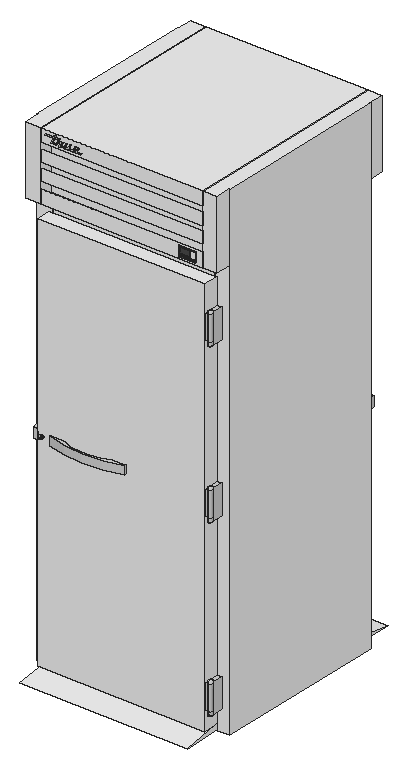
Revit family
Parameters
  Weight in Pounds = 0
  Watts = Volts * FL Amps  # 1023.5 W
  Volts = 115 V
  URL Cutsheet = "www.truemfg.com"
  URL = "www.truemfg.com"
  Type Mark [instance] = ""
  Type Comments = ""
  Status [instance] = ""
  Specification by User [instance] = ""
  Specification by Manufacturer = ""
  Show Logo [instance] = yes
  Show Clearance [instance] = yes
  Serial Number = ""
  Seismic Rating = ""
  SMACNA No = ""
  Revision Code [instance] = ""
  Phase = 1
  Omniclass Number and Title = ""
  Number of Poles [instance] = 1
  NAFEM Spec ID Number = ""
  Model = "STR1RRT89-1S-1S"
  Min Ckt Ampacity = 0 A
  Max Overcurrent Protection = 0 A
  Masterspec = ""
  Manufacturer = "TRUE FOOD SERVICE EQUIPMENT, INC."
  Length = 35"
  Item Number [instance] = ""
  Installed By [instance] = ""
  Identify Quantity as Lot [instance] = yes
  Height = 88 3/4"
  HP = "1/3"
  Furnished By [instance] = ""
  Foodservice Equipment Identifier [instance] = yes
  FL Amps = 8.9 A
  Electrical Remarks [instance] = ""
  Electric Connection Type [instance] = ""
  Elec Conn RI Height [instance] = 0"
  Elec Conn Connection Height [instance] = 0"
  Description = "Roll-thru Solid Swing Door Refrigerator"
  Depth = 37 1/2"
  Cycle = 60 Hz
  Conn Plug = "5-15P"
  Conn Conduit = yes
  CSI MasterFormat = ""
  CSI Master Format = ""
  Apparent Power = if(Phase = 3, Volts * FL Amps * 1.73, Volts * FL Amps)  # 1023.5 VA
Reference planes (in)
  plane 1 "BACK": y = 0
  plane 2: z = 0
  plane 3 "LEFT": x = 0
  plane 4 "RIGHT": x = 35
  plane 5 "FRONT": y = -37.5
  plane 6 "TOP": z = 88.75
  plane 7: x = 2.84375
  plane 8: y = -37.4542
  plane 9: x = 32.15625
  plane 10: y = -0.0458
  plane 11: y = -18.75
  plane 12: z = 73.75
Forms (in)
  Extrusion 1, solid, material "QF_Finishes_Chrome - Satin"
    sketch origin (0.05, 0, 0) x (1, 0, 0) y (0, 1, 0)
      loop
        line (-0.05, -2.75) -> (-0.05, -34.75) -> (2.87859, -34.75) -> (2.87859, -2.75) -> (-0.05, -2.75)
    from 0 to 88.75
  Extrusion 2, solid, material "QF_Finishes_Chrome - Satin"
    sketch origin (50.15, 0, 0) x (1, 0, 0) y (0, 1, 0)
      loop
        line (-17.85, -2.75) -> (-17.85, -34.75) -> (-15.15, -34.75) -> (-15.15, -2.75) -> (-17.85, -2.75)
    from 0 to 88.75
  Extrusion 3, solid, material "QF_Finishes_Chrome - Satin"
    sketch origin (0, 0, 0) x (0, 1, 0) y (0, 0, 1)
      loop
        line (-37.4542, 76.28125) -> (-34.75, 76.28125) -> (-34.75, 0) -> (-2.75, 0) -> (-2.75, 76.28125) -> (-0.0458, 76.28125) -> (-0.0458, 78.81726) -> (-2.25, 77.25) -> (-2.25, 78.52557) -> (-0.0458, 80.09284) -> (-0.0458, 82.18904) -> (-2.25, 80.62178) -> (-2.25, 81.58254) -> (-0.0458, 83.1498) -> (-0.0458, 85.28351) -> (-2.25, 83.71625) -> (-2.25, 84.83852) -> (-0.0458, 86.40578) -> (-0.0458, 88.75) -> (-37.4542, 88.75) -> (-37.4542, 86.40578) -> (-35.25, 84.83852) -> (-35.25, 83.71625) -> (-37.4542, 85.28351) -> (-37.4542, 83.1498) -> (-35.25, 81.58254) -> (-35.25, 80.62178) -> (-37.4542, 82.18904) -> (-37.4542, 80.09284) -> (-35.25, 78.52557) -> (-35.25, 77.25) -> (-37.4542, 78.81726) -> (-37.4542, 76.28125)
    from 2.92859 to 32.3
  Extrusion 4, solid, material "QF_Finishes_Chrome - Satin"
    sketch origin (0, 0, 0) x (1, 0, 0) y (0, 1, 0)
      loop
        line (34.84782, -34.75) -> (32.3, -34.75) -> (32.3, -37.5) -> (34.84782, -37.5) -> (34.84782, -34.75)
      loop
        line (34.84782, -2.75) -> (34.84782, 0) -> (32.3, 0) -> (32.3, -2.75) -> (34.84782, -2.75)
    from 76.28125 to 88.75
  Extrusion 5, solid, material "QF_Finishes_Chrome - Satin"
    sketch origin (-50.125, 0, 0.25) x (1, 0, 0) y (0, 1, 0)
      loop
        line (53.05359, -34.75) -> (50.24109, -34.75) -> (50.24109, -37.5) -> (53.05359, -37.5) -> (53.05359, -34.75)
      loop
        line (53.05359, -2.75) -> (53.05359, 0) -> (50.24109, 0) -> (50.24109, -2.75) -> (53.05359, -2.75)
    from 76.03125 to 88.5
  Extrusion 6, solid, material "QF_Finishes_Chrome - Satin"
    sketch origin (-24.96875, -3.75, -0.71875) x (1, 0, 0) y (0, 0, 1)
      loop
        line (27.25, 1.71875) -> (57.65625, 1.71875) -> (57.65625, 74.46875) -> (27.25, 74.46875) -> (27.25, 1.71875)
    from 31 to 33.75
  Extrusion 7, solid, material "QF_Finishes_Handrails and Railings"
    sketch origin (58.625, -0.25, 26.93519) x (1, 0, 0) y (0, 1, 0)
      loop
        line (-53.875, -37.25) -> (-53.875, -37.45)
        arc (-53.875, -37.45) -> (-47.075, -38.65633) -> (-40.275, -37.45) r 19.7687
        line (-40.275, -37.45) -> (-40.275, -37.25) -> (-42.675, -37.25)
        arc (-42.675, -37.25) -> (-47.075, -38.40816) -> (-51.475, -37.25) r 8.93713
        line (-51.475, -37.25) -> (-53.875, -37.25)
    from 10.87731 to 12.37731
  Extrusion 8, solid, material "QF_Finishes_Handrails and Railings"
    sketch origin (-23.375, -3.83467, -1.5) x (1, 0, 0) y (0, 0, 1)
      loop
        circle (26.4375, 40.0625) r 0.35
      loop
        line (26.47265, 40.33635) -> (26.41715, 40.33635) -> (26.41715, 39.76895) -> (26.47265, 39.76895) -> (26.47265, 40.33635)
    from 33.5 to 33.83066
  Extrusion 9, solid, material "QF_Finishes_Handrails and Railings", visible <- "Show Logo"
    sketch origin (0.33478, -2.68623, 5.01857) x (1, 0, 0) y (0, 0, 1)
      loop
        line (3.46044, 83.08731) -> (3.35478, 82.86073) -> (4.76027, 82.86073)
        arc (4.76027, 82.86073) -> (4.78879, 82.81028) -> (4.76027, 82.75984) r 0.05887
        line (4.76027, 82.75984) -> (4.39369, 81.97372)
        arc (4.39369, 81.97372) -> (4.39051, 81.90091) -> (4.43975, 81.84717) r 0.09523
        line (4.43975, 81.84717) -> (5.33844, 81.84717)
        arc (5.33844, 81.84717) -> (5.45192, 81.88295) -> (5.52436, 81.97735) r 0.19785
        line (5.52436, 81.97735) -> (5.81285, 82.59601) -> (6.0779, 82.59601)
        arc (6.0779, 82.59601) -> (6.14744, 82.57043) -> (6.13737, 82.49703) r 0.05911
        line (6.13737, 82.49703) -> (5.89598, 81.97937)
        arc (5.89598, 81.97937) -> (5.89974, 81.8934) -> (5.97231, 81.84717) r 0.09318
        line (5.97231, 81.84717) -> (6.76198, 81.84717)
        arc (6.76198, 81.84717) -> (6.82249, 81.86919) -> (6.85468, 81.92495) r 0.09412
        arc (6.85468, 81.92495) -> (6.87746, 81.86995) -> (6.93246, 81.84717) r 0.07778
        line (6.93246, 81.84717) -> (7.43246, 81.84717)
        arc (7.43246, 81.84717) -> (7.49022, 81.86265) -> (7.53251, 81.90493) r 0.11552
        arc (7.53251, 81.90493) -> (7.55275, 81.85606) -> (7.60162, 81.83581) r 0.06912
        line (7.60162, 81.83581) -> (8.31225, 81.83581)
        arc (8.31225, 81.83581) -> (8.37034, 81.85988) -> (8.39441, 81.91797) r 0.08216
        arc (8.39441, 81.91797) -> (8.44767, 81.86472) -> (8.52042, 81.84522) r 0.14551
        line (8.52042, 81.84522) -> (9.85158, 81.84522) -> (9.99946, 82.10134) -> (8.65678, 82.10134)
        arc (8.65678, 82.10134) -> (8.61972, 82.12704) -> (8.61834, 82.17211) r 0.05009
        line (8.61834, 82.17211) -> (8.64157, 82.22192)
        arc (8.64157, 82.22192) -> (8.67723, 82.26864) -> (8.73327, 82.28635) r 0.09747
        line (8.73327, 82.28635) -> (9.16485, 82.28635)
        arc (9.16485, 82.28635) -> (9.258, 82.31131) -> (9.32619, 82.3795) r 0.1863
        line (9.32619, 82.3795) -> (9.45119, 82.59601)
        arc (9.45119, 82.59601) -> (9.45119, 82.71157) -> (9.35111, 82.76934) r 0.11556
        line (9.35111, 82.76934) -> (8.89562, 82.76934)
        arc (8.89562, 82.76934) -> (8.7795, 82.74962) -> (8.69849, 82.66412) r 0.18605
        line (8.69849, 82.66412) -> (8.48204, 82.19993)
        arc (8.48204, 82.19993) -> (8.41815, 82.11667) -> (8.31806, 82.08511) r 0.1745
        line (8.31806, 82.08511) -> (7.84559, 82.08511)
        arc (7.84559, 82.08511) -> (7.78903, 82.14684) -> (7.79268, 82.23048) r 0.10939
        line (7.79268, 82.23048) -> (8.04395, 82.76934) -> (7.88403, 82.76934) -> (7.61781, 82.19844)
        arc (7.61781, 82.19844) -> (7.56609, 82.13103) -> (7.48505, 82.10548) r 0.14128
        line (7.48505, 82.10548) -> (7.15925, 82.10548)
        arc (7.15925, 82.10548) -> (7.10419, 82.17723) -> (7.116, 82.26689) r 0.11816
        line (7.116, 82.26689) -> (7.3503, 82.76934) -> (7.18514, 82.76934) -> (6.91546, 82.191)
        arc (6.91546, 82.191) -> (6.85285, 82.12839) -> (6.76733, 82.10548) r 0.17104
        line (6.76733, 82.10548) -> (6.29555, 82.10548)
        arc (6.29555, 82.10548) -> (6.21082, 82.14499) -> (6.20267, 82.23813) r 0.0935
        line (6.20267, 82.23813) -> (6.35774, 82.57069) -> (6.57695, 82.57069)
        arc (6.57695, 82.57069) -> (6.61395, 82.68217) -> (6.69267, 82.76934) r 0.2857
        line (6.69267, 82.76934) -> (5.83605, 82.76934)
        arc (5.83605, 82.76934) -> (5.74086, 82.74824) -> (5.67498, 82.67635) r 0.16212
        line (5.67498, 82.67635) -> (5.44279, 82.17841)
        arc (5.44279, 82.17841) -> (5.3894, 82.12502) -> (5.31647, 82.10548) r 0.14586
        line (5.31647, 82.10548) -> (4.80506, 82.10548)
        arc (4.80506, 82.10548) -> (4.76514, 82.15942) -> (4.77274, 82.22609) r 0.09155
        line (4.77274, 82.22609) -> (5.11018, 82.86073) -> (5.96155, 82.86073) -> (6.06721, 83.08731) -> (5.21584, 83.08731) -> (5.32149, 83.31388) -> (5.01862, 83.31388) -> (4.91297, 83.08731) -> (3.46044, 83.08731)
      loop
        arc (8.83805, 82.56363) -> (8.80119, 82.55375) -> (8.7742, 82.52676) r 0.07373
        line (8.7742, 82.52676) -> (8.75229, 82.45936)
        arc (8.75229, 82.45936) -> (8.76245, 82.43483) -> (8.78699, 82.42466) r 0.0347
        line (8.78699, 82.42466) -> (9.15948, 82.42466)
        arc (9.15948, 82.42466) -> (9.18632, 82.43061) -> (9.20812, 82.44734) r 0.0635
        line (9.20812, 82.44734) -> (9.22624, 82.53122)
        arc (9.22624, 82.53122) -> (9.22091, 82.55368) -> (9.20009, 82.56363) r 0.02676
        line (9.20009, 82.56363) -> (8.83805, 82.56363)
    from 34.76797 to 34.83173
  Extrusion 10, solid, material "QF_Finishes_White"
    sketch origin (-22.74812, -2.7042, -7.94372) x (1, 0, 0) y (0, 0, 1)
      loop
        line (50.81732, 86.35727) -> (50.81732, 84.60996) -> (53.72357, 84.60996) -> (53.72357, 86.35727) -> (50.81732, 86.35727)
    from 34.75 to 34.76797
  Extrusion 11, solid, material "QF_Finishes_Black"
    sketch origin (-22.74812, -2.7042, -7.94372) x (1, 0, 0) y (0, 0, 1)
      loop
        line (53.78607, 86.41977) -> (50.75482, 86.41977) -> (50.75482, 84.54746) -> (53.78607, 84.54746) -> (53.78607, 86.41977)
      loop
        spline (50.95482, 84.87872) -> (50.96333, 84.86254) -> (50.98831, 84.84747) -> (51.02804, 84.83452) -> (51.07982, 84.82459) -> (51.14011, 84.81835) -> (51.20482, 84.81622) -> (51.26952, 84.81835) -> (51.32982, 84.82459) -> (51.38159, 84.83452) -> (51.42132, 84.84747) -> (51.4463, 84.86254) -> (51.45482, 84.87872)
        spline (51.45482, 84.87872) -> (51.4463, 84.89489) -> (51.42132, 84.90997) -> (51.38159, 84.92291) -> (51.32982, 84.93284) -> (51.26952, 84.93909) -> (51.20482, 84.94122) -> (51.14011, 84.93909) -> (51.07982, 84.93284) -> (51.02804, 84.92291) -> (50.98831, 84.90997) -> (50.96333, 84.89489) -> (50.95482, 84.87872)
      loop
        spline (51.65083, 84.87872) -> (51.65935, 84.86254) -> (51.68432, 84.84747) -> (51.72405, 84.83452) -> (51.77583, 84.82459) -> (51.83612, 84.81835) -> (51.90083, 84.81622) -> (51.96553, 84.81835) -> (52.02583, 84.82459) -> (52.07761, 84.83452) -> (52.11734, 84.84747) -> (52.14231, 84.86254) -> (52.15083, 84.87872)
        spline (52.15083, 84.87872) -> (52.14231, 84.89489) -> (52.11734, 84.90997) -> (52.07761, 84.92291) -> (52.02583, 84.93284) -> (51.96553, 84.93909) -> (51.90083, 84.94122) -> (51.83612, 84.93909) -> (51.77583, 84.93284) -> (51.72405, 84.92291) -> (51.68432, 84.90997) -> (51.65935, 84.89489) -> (51.65083, 84.87872)
      loop
        spline (52.40083, 84.87872) -> (52.40935, 84.86254) -> (52.43432, 84.84747) -> (52.47405, 84.83452) -> (52.52583, 84.82459) -> (52.58612, 84.81835) -> (52.65083, 84.81622) -> (52.71553, 84.81835) -> (52.77583, 84.82459) -> (52.82761, 84.83452) -> (52.86734, 84.84747) -> (52.89231, 84.86254) -> (52.90083, 84.87872)
        spline (52.90083, 84.87872) -> (52.89231, 84.89489) -> (52.86734, 84.90997) -> (52.82761, 84.92291) -> (52.77583, 84.93284) -> (52.71553, 84.93909) -> (52.65083, 84.94122) -> (52.58612, 84.93909) -> (52.52583, 84.93284) -> (52.47405, 84.92291) -> (52.43432, 84.90997) -> (52.40935, 84.89489) -> (52.40083, 84.87872)
      loop
        line (50.95481, 86.21978) -> (50.95481, 85.21978) -> (52.65433, 85.21978) -> (52.65433, 86.21978) -> (50.95481, 86.21978)
      loop
        line (53.72357, 86.35727) -> (50.81732, 86.35727) -> (50.81732, 84.60996) -> (53.72357, 84.60996) -> (53.72357, 86.35727)
      loop
        spline (53.15083, 84.87872) -> (53.15935, 84.86254) -> (53.18432, 84.84747) -> (53.22405, 84.83452) -> (53.27583, 84.82459) -> (53.33612, 84.81835) -> (53.40083, 84.81622) -> (53.46553, 84.81835) -> (53.52583, 84.82459) -> (53.57761, 84.83452) -> (53.61734, 84.84747) -> (53.64231, 84.86254) -> (53.65083, 84.87872)
        spline (53.65083, 84.87872) -> (53.64231, 84.89489) -> (53.61734, 84.90997) -> (53.57761, 84.92291) -> (53.52583, 84.93284) -> (53.46553, 84.93909) -> (53.40083, 84.94122) -> (53.33612, 84.93909) -> (53.27583, 84.93284) -> (53.22405, 84.92291) -> (53.18432, 84.90997) -> (53.15935, 84.89489) -> (53.15083, 84.87872)
    from 34.76797 to 34.80335
  Extrusion 12, solid
    sketch origin (-25.125, 0, 0) x (1, 0, 0) y (0, 0, 1)
      loop
        circle (56.875, 86.625) r 0.25
    from 0 to 0.0625
  Blend 13, solid, material "QF_Finishes_Handrails and Railings"
    base sketch origin (27.53125, -3.75, 0.5) x (-1, 0, 0) y (0, 0, -1)
      loop
        line (25.25, -38.99169) -> (26, -38.99169) -> (26, -37.24169) -> (25.25, -37.24169) -> (25.25, -38.99169)
    top sketch origin (27.53125, 0, 0.5) x (-1, 0, 0) y (0, 0, -1)
      loop
        line (26.18223, -36.6441) -> (25.25, -36.6441) -> (25.25, -39.42643) -> (26.18223, -39.42643) -> (26.18223, -36.6441)
    from 33.57883 to 34.75
  Extrusion 14, solid, material "QF_Finishes_Handrails and Railings"
    sketch origin (33.78125, 0, 0) x (0, 1, 0) y (0, 0, -1)
      loop
        line (-34.75, -69.17729) -> (-34.75, -63.86127) -> (-37, -63.86127) -> (-37, -64.57348) -> (-36.56497, -64.57348) -> (-36.56497, -68.97276)
        arc (-36.56497, -68.97276) -> (-36.50506, -69.11738) -> (-36.36044, -69.17729) r 0.20453
        line (-36.36044, -69.17729) -> (-34.75, -69.17729)
    from 0.17506 to 1
  Revolve 15, solid, material "QF_Finishes_Handrails and Railings"
    sketch origin (33.28125, 0, 0) x (0, 1, 0) y (0, 0, -1)
      loop
        line (-37.01563, -64.62689) -> (-37.42229, -64.62689) -> (-37.42229, -69.0986)
        arc (-37.42229, -69.0986) -> (-37.28722, -69.35057) -> (-37.01563, -69.43983) r 0.3848
        line (-37.01563, -69.43983) -> (-37.01563, -64.62689)
      loop
        line (-37.01563, -64.57348) -> (-37.01563, -63.67281)
        arc (-37.01563, -63.67281) -> (-37.28264, -63.75883) -> (-37.42229, -64.00212) r 0.38884
        line (-37.42229, -64.00212) -> (-37.42229, -64.57348) -> (-37.01563, -64.57348)
      axis (-37.01563, -63.67281) -> (-37.01563, -69.43983)
    angle from 0 to 360
  Extrusion 16, solid, material "QF_Finishes_Handrails and Railings"
    sketch origin (27.5, -3.82734, 0.0011) x (-1, 0, 0) y (0, 0, -1)
      loop
        line (-5.58509, -69.0986) -> (-5.1875, -69.0986) -> (-5.1875, -64.62579) -> (-5.58509, -64.62579) -> (-5.58509, -69.0986)
    from 32.81497 to 33.59495
  Extrusion 17, solid, material "QF_Finishes_Handrails and Railings"
    sketch origin (33.78125, 0, -24) x (0, 1, 0) y (0, 0, -1)
      loop
        line (-34.75, -64.55229) -> (-34.75, -59.23627) -> (-37, -59.23627) -> (-37, -59.94848) -> (-36.56497, -59.94848) -> (-36.56497, -64.34776)
        arc (-36.56497, -64.34776) -> (-36.50506, -64.49238) -> (-36.36044, -64.55229) r 0.20453
        line (-36.36044, -64.55229) -> (-34.75, -64.55229)
    from 0.17506 to 1
  Revolve 18, solid, material "QF_Finishes_Handrails and Railings"
    sketch origin (33.28125, 0, -24) x (0, 1, 0) y (0, 0, -1)
      loop
        line (-37.01563, -60.00189) -> (-37.42229, -60.00189) -> (-37.42229, -64.4736)
        arc (-37.42229, -64.4736) -> (-37.28722, -64.72557) -> (-37.01563, -64.81483) r 0.3848
        line (-37.01563, -64.81483) -> (-37.01563, -60.00189)
      loop
        line (-37.01563, -59.94848) -> (-37.01563, -59.04781)
        arc (-37.01563, -59.04781) -> (-37.28264, -59.13383) -> (-37.42229, -59.37712) r 0.38884
        line (-37.42229, -59.37712) -> (-37.42229, -59.94848) -> (-37.01563, -59.94848)
      axis (-37.01563, -59.04781) -> (-37.01563, -64.81483)
    angle from 0 to 360
  Extrusion 19, solid, material "QF_Finishes_Handrails and Railings"
    sketch origin (27.5, -3.82734, -23.9989) x (-1, 0, 0) y (0, 0, -1)
      loop
        line (-5.58509, -64.4736) -> (-5.1875, -64.4736) -> (-5.1875, -60.00079) -> (-5.58509, -60.00079) -> (-5.58509, -64.4736)
    from 32.81497 to 33.59495
  Extrusion 20, solid, material "QF_Finishes_Handrails and Railings"
    sketch origin (33.78125, 0, -55.5) x (0, 1, 0) y (0, 0, -1)
      loop
        line (-34.75, -64.55229) -> (-34.75, -59.23627) -> (-37, -59.23627) -> (-37, -59.94848) -> (-36.56497, -59.94848) -> (-36.56497, -64.34776)
        arc (-36.56497, -64.34776) -> (-36.50506, -64.49238) -> (-36.36044, -64.55229) r 0.20453
        line (-36.36044, -64.55229) -> (-34.75, -64.55229)
    from 0.17506 to 1
  Revolve 21, solid, material "QF_Finishes_Handrails and Railings"
    sketch origin (33.28125, 0, -55.5) x (0, 1, 0) y (0, 0, -1)
      loop
        line (-37.01563, -60.00189) -> (-37.42229, -60.00189) -> (-37.42229, -64.4736)
        arc (-37.42229, -64.4736) -> (-37.28722, -64.72557) -> (-37.01563, -64.81483) r 0.3848
        line (-37.01563, -64.81483) -> (-37.01563, -60.00189)
      loop
        line (-37.01563, -59.94848) -> (-37.01563, -59.04781)
        arc (-37.01563, -59.04781) -> (-37.28264, -59.13383) -> (-37.42229, -59.37712) r 0.38884
        line (-37.42229, -59.37712) -> (-37.42229, -59.94848) -> (-37.01563, -59.94848)
      axis (-37.01563, -59.04781) -> (-37.01563, -64.81483)
    angle from 0 to 360
  Extrusion 22, solid, material "QF_Finishes_Handrails and Railings"
    sketch origin (27.5, -3.82734, -55.4989) x (-1, 0, 0) y (0, 0, -1)
      loop
        line (-5.58509, -64.4736) -> (-5.1875, -64.4736) -> (-5.1875, -60.00079) -> (-5.58509, -60.00079) -> (-5.58509, -64.4736)
    from 32.81497 to 33.59495
  Extrusion 23, solid, material "QF_Finishes_Door Clearance", visible <- "Show Clearance", detail levels coarse
    sketch origin (26.42841, -3.6098, 0) x (1, 0, 0) y (0, 1, 0)
      loop
        line (6.32159, -33.8902) -> (-24.14716, -33.8902)
        arc (-24.14716, -33.8902) -> (-15.22307, -55.43486) -> (6.32159, -64.35895) r 30.46875
        line (6.32159, -64.35895) -> (6.32159, -33.8902)
    from 1 to 73.75
  Extrusion 24, solid, material "QF_Finishes_Chrome - Satin"
    sketch origin (32.6875, -3.75, 1) x (0, 0, 1) y (0, -1, 0)
      loop
        line (-1, 37.6875) -> (-1, 31) -> (0, 31) -> (-1, 37.6875)
    from 0 to -30.40625
  Extrusion 25, solid, material "QF_Finishes_Chrome - Satin"
    sketch origin (59.96875, -33.75, -0.71875) x (-1, 0, 0) y (0, 0, 1)
      loop
        line (27.25, 1.71875) -> (57.65625, 1.71875) -> (57.65625, 74.46875) -> (27.25, 74.46875) -> (27.25, 1.71875)
    from 31 to 33.75
  Extrusion 26, solid, material "QF_Finishes_Handrails and Railings"
    sketch origin (-23.625, -37.25, 26.93519) x (-1, 0, 0) y (0, -1, 0)
      loop
        line (-53.875, -37.25) -> (-53.875, -37.45)
        arc (-53.875, -37.45) -> (-47.075, -38.65628) -> (-40.275, -37.45) r 19.76948
        line (-40.275, -37.45) -> (-40.275, -37.25) -> (-42.675, -37.25)
        arc (-42.675, -37.25) -> (-47.075, -38.40816) -> (-51.475, -37.25) r 8.93715
        line (-51.475, -37.25) -> (-53.875, -37.25)
    from 10.87731 to 12.37731
  Extrusion 27, solid, material "QF_Finishes_Handrails and Railings"
    sketch origin (58.375, -33.66533, -1.5) x (-1, 0, 0) y (0, 0, 1)
      loop
        circle (26.4375, 40.0625) r 0.35
      loop
        line (26.47265, 40.33635) -> (26.41715, 40.33635) -> (26.41715, 39.76895) -> (26.47265, 39.76895) -> (26.47265, 40.33635)
    from 33.5 to 33.83066
  Blend 28, solid, material "QF_Finishes_Handrails and Railings"
    base sketch origin (7.46875, -33.75, 0.5) x (1, 0, 0) y (0, 0, -1)
      loop
        line (25.25, -38.99169) -> (26, -38.99169) -> (26, -37.24169) -> (25.25, -37.24169) -> (25.25, -38.99169)
    top sketch origin (7.46875, -37.5, 0.5) x (1, 0, 0) y (0, 0, -1)
      loop
        line (26.18223, -36.6441) -> (25.25, -36.6441) -> (25.25, -39.42643) -> (26.18223, -39.42643) -> (26.18223, -36.6441)
    from 33.57883 to 34.75
  Extrusion 29, solid, material "QF_Finishes_Handrails and Railings"
    sketch origin (1.21875, -37.5, 0) x (0, -1, 0) y (0, 0, -1)
      loop
        line (-34.75, -69.17729) -> (-34.75, -63.86127) -> (-37, -63.86127) -> (-37, -64.57348) -> (-36.56497, -64.57348) -> (-36.56497, -68.97276)
        arc (-36.56497, -68.97276) -> (-36.50506, -69.11738) -> (-36.36044, -69.17729) r 0.20453
        line (-36.36044, -69.17729) -> (-34.75, -69.17729)
    from 0.17506 to 1
  Revolve 30, solid, material "QF_Finishes_Handrails and Railings"
    sketch origin (1.71875, -37.5, 0) x (0, -1, 0) y (0, 0, -1)
      loop
        line (-37.01563, -64.62689) -> (-37.42229, -64.62689) -> (-37.42229, -69.0986)
        arc (-37.42229, -69.0986) -> (-37.28722, -69.35057) -> (-37.01563, -69.43983) r 0.3848
        line (-37.01563, -69.43983) -> (-37.01563, -64.62689)
      loop
        line (-37.01563, -64.57348) -> (-37.01563, -63.67281)
        arc (-37.01563, -63.67281) -> (-37.28264, -63.75883) -> (-37.42229, -64.00212) r 0.38884
        line (-37.42229, -64.00212) -> (-37.42229, -64.57348) -> (-37.01563, -64.57348)
      axis (-37.01563, -63.67281) -> (-37.01563, -69.43983)
    angle from 0 to 360
  Extrusion 31, solid, material "QF_Finishes_Handrails and Railings"
    sketch origin (7.5, -33.67266, 0.0011) x (1, 0, 0) y (0, 0, -1)
      loop
        line (-5.58509, -69.0986) -> (-5.1875, -69.0986) -> (-5.1875, -64.62579) -> (-5.58509, -64.62579) -> (-5.58509, -69.0986)
    from 32.81497 to 33.59495
  Extrusion 32, solid, material "QF_Finishes_Handrails and Railings"
    sketch origin (1.21875, -37.5, -24) x (0, -1, 0) y (0, 0, -1)
      loop
        line (-34.75, -64.55229) -> (-34.75, -59.23627) -> (-37, -59.23627) -> (-37, -59.94848) -> (-36.56497, -59.94848) -> (-36.56497, -64.34776)
        arc (-36.56497, -64.34776) -> (-36.50506, -64.49238) -> (-36.36044, -64.55229) r 0.20453
        line (-36.36044, -64.55229) -> (-34.75, -64.55229)
    from 0.17506 to 1
  Revolve 33, solid, material "QF_Finishes_Handrails and Railings"
    sketch origin (1.71875, -37.5, -24) x (0, -1, 0) y (0, 0, -1)
      loop
        line (-37.01563, -60.00189) -> (-37.42229, -60.00189) -> (-37.42229, -64.4736)
        arc (-37.42229, -64.4736) -> (-37.28722, -64.72557) -> (-37.01563, -64.81483) r 0.3848
        line (-37.01563, -64.81483) -> (-37.01563, -60.00189)
      loop
        line (-37.01563, -59.94848) -> (-37.01563, -59.04781)
        arc (-37.01563, -59.04781) -> (-37.28264, -59.13383) -> (-37.42229, -59.37712) r 0.38884
        line (-37.42229, -59.37712) -> (-37.42229, -59.94848) -> (-37.01563, -59.94848)
      axis (-37.01563, -59.04781) -> (-37.01563, -64.81483)
    angle from 0 to 360
  Extrusion 34, solid, material "QF_Finishes_Handrails and Railings"
    sketch origin (7.5, -33.67266, -23.9989) x (1, 0, 0) y (0, 0, -1)
      loop
        line (-5.58509, -64.4736) -> (-5.1875, -64.4736) -> (-5.1875, -60.00079) -> (-5.58509, -60.00079) -> (-5.58509, -64.4736)
    from 32.81497 to 33.59495
  Extrusion 35, solid, material "QF_Finishes_Handrails and Railings"
    sketch origin (1.21875, -37.5, -55.5) x (0, -1, 0) y (0, 0, -1)
      loop
        line (-34.75, -64.55229) -> (-34.75, -59.23627) -> (-37, -59.23627) -> (-37, -59.94848) -> (-36.56497, -59.94848) -> (-36.56497, -64.34776)
        arc (-36.56497, -64.34776) -> (-36.50506, -64.49238) -> (-36.36044, -64.55229) r 0.20453
        line (-36.36044, -64.55229) -> (-34.75, -64.55229)
    from 0.17506 to 1
  Revolve 36, solid, material "QF_Finishes_Handrails and Railings"
    sketch origin (1.71875, -37.5, -55.5) x (0, -1, 0) y (0, 0, -1)
      loop
        line (-37.01563, -60.00189) -> (-37.42229, -60.00189) -> (-37.42229, -64.4736)
        arc (-37.42229, -64.4736) -> (-37.28722, -64.72557) -> (-37.01563, -64.81483) r 0.3848
        line (-37.01563, -64.81483) -> (-37.01563, -60.00189)
      loop
        line (-37.01563, -59.94848) -> (-37.01563, -59.04781)
        arc (-37.01563, -59.04781) -> (-37.28264, -59.13383) -> (-37.42229, -59.37712) r 0.38884
        line (-37.42229, -59.37712) -> (-37.42229, -59.94848) -> (-37.01563, -59.94848)
      axis (-37.01563, -59.04781) -> (-37.01563, -64.81483)
    angle from 0 to 360
  Extrusion 37, solid, material "QF_Finishes_Handrails and Railings"
    sketch origin (7.5, -33.67266, -55.4989) x (1, 0, 0) y (0, 0, -1)
      loop
        line (-5.58509, -64.4736) -> (-5.1875, -64.4736) -> (-5.1875, -60.00079) -> (-5.58509, -60.00079) -> (-5.58509, -64.4736)
    from 32.81497 to 33.59495
  Extrusion 38, solid, material "QF_Finishes_Door Clearance", visible <- "Show Clearance", detail levels coarse
    sketch origin (8.57159, -33.8902, 0) x (-1, 0, 0) y (0, -1, 0)
      loop
        line (6.32159, -33.8902) -> (-24.14716, -33.8902)
        arc (-24.14716, -33.8902) -> (-15.22307, -55.43486) -> (6.32159, -64.35895) r 30.46875
        line (6.32159, -64.35895) -> (6.32159, -33.8902)
    from 1 to 73.75
  Extrusion 39, solid, material "QF_Finishes_Chrome - Satin"
    sketch origin (2.3125, -33.75, 1) x (0, 0, 1) y (0, 1, 0)
      loop
        line (-1, 37.6875) -> (-1, 31) -> (0, 31) -> (-1, 37.6875)
    from 0 to -30.40625
Cuts and joins
  joined: Extrusion 1, Extrusion 2, Extrusion 4, Extrusion 5
Lines and regions (in)
  symbolic lines
    curve 1: line (0, 0, 0) -> (35, 0, 0)
    curve 2: line (0, -37.5, 0) -> (0, 0, 0)
    curve 3: line (35, -37.5, 0) -> (0, -37.5, 0)
    curve 4: line (35, 0, 0) -> (35, -37.5, 0)
    curve 5: line (35, -35.25, 0) -> (0, -35.25, 0)
    curve 6: arc (15.95746, -37.5, 0) -> (11.55746, -38.65816, 0) -> (7.15746, -37.5, 0) r 8.93715
    curve 7: line (4.75746, -37.5, 0) -> (4.75746, -37.70273, 0)
    curve 8: line (18.35746, -37.69726, 0) -> (18.35746, -37.5, 0)
    curve 13: line (16.65, 0.2, 0) -> (16.65, 0, 0)
    curve 14: line (30.25, 0, 0) -> (30.25, 0.2, 0)
    curve 15: arc (19.05, 0, 0) -> (23.45, 1.15816, 0) -> (27.85, 0, 0) r 8.93715
    curve 16: arc (4.75746, -37.70273, 0) -> (11.55795, -38.90633, 0) -> (18.35746, -37.69726, 0) r 19.7687
    curve 17: arc (30.25, 0.2, 0) -> (23.45, 1.40628, 0) -> (16.65, 0.2, 0) r 19.76948
    curve 18: line (35, -2.25, 0) -> (0, -2.25, 0)
  symbolic lines, style "QF-Door Swings", visible <- "Show Clearance", detail levels coarse
    curve 9: line (32.75, -37.5, 0) -> (32.75, -67.96875, 0)
    curve 10: arc (32.75, -67.96875, 0) -> (11.20534, -59.04466, 0) -> (2.28125, -37.5, 0) r 30.46875
    curve 11: line (2.25, 0, 0) -> (2.25, 30.46875, 0)
    curve 12: arc (2.25, 30.46875, 0) -> (23.79466, 21.54466, 0) -> (32.71875, 0, 0) r 30.46875
Dimensions and locks (in)
  "Depth": plane 5 "FRONT" to plane 1 "BACK"
  plane 6 "TOP" to level = 88 3/4"  (x2)
  Extrusion 6 sketch curve to Extrusion 6 sketch curve = 30 13/32"
  Extrusion 6 to plane 1 "BACK" = 37 1/2"
  "Length": plane 3 "LEFT" to plane 4 "RIGHT"
  plane 4 "RIGHT" to plane 3 "LEFT" = 35"
  plane 5 "FRONT" to plane 1 "BACK" = 37 1/2"
  Extrusion 25 sketch curve to Extrusion 25 sketch curve = 30 13/32"
  plane 12 to level = 73 3/4"
  aligned and locked: level to plane 2
Automatic sketch dimensions
  Extrusion 39 sketch curve to Extrusion 25 = 0"
  Extrusion 39 sketch curve to Extrusion 39 sketch curve = 1"
  Extrusion 39 sketch curve to Extrusion 25 = 3 15/16"
  Extrusion 1 sketch curve to plane 3 "LEFT" = 0"
  plane 1 "BACK" to Extrusion 1 sketch curve = 2 3/4"
  plane 7 to Extrusion 1 sketch curve = 0.08484"
  Extrusion 1 sketch curve to plane 5 "FRONT" = 2 3/4"
  plane 1 "BACK" to Extrusion 2 sketch curve = 2 3/4"
  Extrusion 2 sketch curve to plane 4 "RIGHT" = 0"
  Extrusion 2 sketch curve to plane 9 = 0.14375"
  Extrusion 2 sketch curve to plane 5 "FRONT" = 2 3/4"
  Extrusion 3 sketch curve to plane 8 = 0"  (x4)
  Extrusion 3 sketch curve to level = 0"
  Extrusion 3 sketch curve to plane 10 = 0"  (x4)
  Extrusion 3 sketch curve to plane 6 "TOP" = 0"
  plane 8 to Extrusion 3 sketch curve = 2.2042"
  Extrusion 3 sketch curve to Extrusion 3 sketch curve = 0"  (x3)
  plane 8 to Extrusion 3 sketch curve = 2.7042"
  Extrusion 3 sketch curve to Extrusion 3 sketch curve = 2.7042"
  plane 10 to Extrusion 3 sketch curve = 2.2042"
  Extrusion 3 sketch curve to Extrusion 3 sketch curve = 1/2"
  Extrusion 3 sketch curve to plane 6 "TOP" = 12 15/32"  (x2)
  Extrusion 3 sketch curve to Extrusion 3 sketch curve = 31/32"  (x2)
  Extrusion 3 sketch curve to Extrusion 3 sketch curve = 1.27557"  (x4)
  Extrusion 3 sketch curve to Extrusion 3 sketch curve = 0.29169"  (x2)
  Extrusion 3 sketch curve to Extrusion 3 sketch curve = 2.0962"  (x4)
  Extrusion 3 sketch curve to Extrusion 3 sketch curve = 0.96076"  (x4)
  Extrusion 3 sketch curve to Extrusion 3 sketch curve = 2.13371"  (x4)
  Extrusion 3 sketch curve to Extrusion 3 sketch curve = 1.12227"  (x4)
  Extrusion 6 sketch curve to plane 7 = 9/16"
  level to Extrusion 6 sketch curve = 1"
  Extrusion 6 sketch curve to plane 6 "TOP" = 15"
  plane 7 to Extrusion 8 sketch curve = 0.1984"
  plane 7 to Extrusion 8 sketch curve = 7/32"
  Extrusion 8 sketch curve to Extrusion 8 sketch curve = 0.0555"
  level to Extrusion 8 sketch curve = 38.26895"
  Extrusion 8 sketch curve to Extrusion 8 sketch curve = 0.29355"
  Extrusion 8 sketch curve to Extrusion 8 sketch curve = 0.27385"
  plane 7 to Extrusion 9 sketch curve = 0.84582"
  Extrusion 9 sketch curve to Extrusion 9 sketch curve = 0.10565"  (x5)
  Extrusion 9 sketch curve to Extrusion 9 sketch curve = 1.03891"
  Extrusion 9 sketch curve to Extrusion 9 sketch curve = 0.04606"
  Extrusion 9 sketch curve to Extrusion 9 sketch curve = 0.08631"
  Extrusion 9 sketch curve to Extrusion 9 sketch curve = 0.33624"
  Extrusion 9 sketch curve to Extrusion 9 sketch curve = 0.03034"  (x2)
  Extrusion 9 sketch curve to Extrusion 9 sketch curve = 0.29274"
  Extrusion 9 sketch curve to Extrusion 9 sketch curve = 0.03232"
  Extrusion 9 sketch curve to Extrusion 9 sketch curve = 0.04851"
  Extrusion 9 sketch curve to plane 6 "TOP" = 0.64412"
  Extrusion 9 sketch curve to Extrusion 9 sketch curve = 0.1527"
  Extrusion 9 sketch curve to plane 6 "TOP" = 0.41755"
  Extrusion 9 sketch curve to Extrusion 9 sketch curve = 0.19721"
  Extrusion 9 sketch curve to Extrusion 9 sketch curve = 0.4629"
  Extrusion 9 sketch curve to Extrusion 9 sketch curve = 0.02197"
  Extrusion 9 sketch curve to Extrusion 9 sketch curve = 0.12632"
  Extrusion 9 sketch curve to Extrusion 9 sketch curve = 0.18591"
  Extrusion 9 sketch curve to plane 6 "TOP" = 1.05508"
  Extrusion 9 sketch curve to Extrusion 9 sketch curve = 0.2322"
  Extrusion 9 sketch curve to Extrusion 9 sketch curve = 0.13786"
  Extrusion 9 sketch curve to Extrusion 9 sketch curve = 0.00907"
  Extrusion 9 sketch curve to Extrusion 9 sketch curve = 0.01413"
  Extrusion 9 sketch curve to Extrusion 9 sketch curve = 0.37162"
  Extrusion 9 sketch curve to plane 6 "TOP" = 0.8707"
  Extrusion 9 sketch curve to Extrusion 9 sketch curve = 0.12551"
  Extrusion 9 sketch curve to Extrusion 9 sketch curve = 0.07633"
  Extrusion 9 sketch curve to Extrusion 9 sketch curve = 0.08445"
  Extrusion 9 sketch curve to Extrusion 9 sketch curve = 0.25598"
  Extrusion 9 sketch curve to Extrusion 9 sketch curve = 0.01887"
  Extrusion 9 sketch curve to Extrusion 9 sketch curve = 0.04061"
  Extrusion 9 sketch curve to plane 6 "TOP" = 1.4933"
  Extrusion 9 sketch curve to Extrusion 9 sketch curve = 0.0653"
  Extrusion 9 sketch curve to Extrusion 9 sketch curve = 0.08474"
  Extrusion 9 sketch curve to Extrusion 9 sketch curve = 0.00815"
  Extrusion 9 sketch curve to Extrusion 9 sketch curve = 0.22037"
  Extrusion 9 sketch curve to Extrusion 9 sketch curve = 0.21921"
  Extrusion 9 sketch curve to Extrusion 9 sketch curve = 0.11572"
  Extrusion 9 sketch curve to Extrusion 9 sketch curve = 0.46643"
  Extrusion 9 sketch curve to Extrusion 9 sketch curve = 0.00535"
  Extrusion 9 sketch curve to Extrusion 9 sketch curve = 0.09269"
  Extrusion 9 sketch curve to Extrusion 9 sketch curve = 0.09348"
  Extrusion 9 sketch curve to Extrusion 9 sketch curve = 0.14812"
  Extrusion 9 sketch curve to Extrusion 9 sketch curve = 0.07778"
  Extrusion 9 sketch curve to Extrusion 9 sketch curve = 0.20054"
  Extrusion 9 sketch curve to Extrusion 9 sketch curve = 0.04325"
  Extrusion 9 sketch curve to plane 6 "TOP" = 0.96209"  (x2)
  Extrusion 9 sketch curve to Extrusion 9 sketch curve = 0.32433"
  Extrusion 9 sketch curve to Extrusion 9 sketch curve = 0.10233"  (x2)
  Extrusion 9 sketch curve to Extrusion 9 sketch curve = 0.16515"
  Extrusion 9 sketch curve to Extrusion 9 sketch curve = 0.27321"
  Extrusion 9 sketch curve to Extrusion 9 sketch curve = 0.0526"
  Extrusion 9 sketch curve to Extrusion 9 sketch curve = 0.10005"
  Extrusion 9 sketch curve to Extrusion 9 sketch curve = 0.06912"
  Extrusion 9 sketch curve to Extrusion 9 sketch curve = 0.13276"
  Extrusion 9 sketch curve to plane 6 "TOP" = 1.50095"
  Extrusion 9 sketch curve to Extrusion 9 sketch curve = 0.17486"
  Extrusion 9 sketch curve to Extrusion 9 sketch curve = 0.05291"
  Extrusion 9 sketch curve to Extrusion 9 sketch curve = 0.53374"
  Extrusion 9 sketch curve to Extrusion 9 sketch curve = 0.09914"
  Extrusion 9 sketch curve to Extrusion 9 sketch curve = 0.15992"
  Extrusion 9 sketch curve to Extrusion 9 sketch curve = 0.46666"
  Extrusion 9 sketch curve to Extrusion 9 sketch curve = 0.00582"
  Extrusion 9 sketch curve to Extrusion 9 sketch curve = 0.08216"
  Extrusion 9 sketch curve to Extrusion 9 sketch curve = 0.16397"
  Extrusion 9 sketch curve to Extrusion 9 sketch curve = 0.12601"
  Extrusion 9 sketch curve to plane 6 "TOP" = 1.55932"
  Extrusion 9 sketch curve to Extrusion 9 sketch curve = 0.1363"
  Extrusion 9 sketch curve to plane 6 "TOP" = 1.50951"
  Extrusion 9 sketch curve to Extrusion 9 sketch curve = 0.02323"
  Extrusion 9 sketch curve to Extrusion 9 sketch curve = 0.03844"
  Extrusion 9 sketch curve to Extrusion 9 sketch curve = 0.0454"
  Extrusion 9 sketch curve to Extrusion 9 sketch curve = 0.05693"
  Extrusion 9 sketch curve to Extrusion 9 sketch curve = 0.0917"
  Extrusion 9 sketch curve to Extrusion 9 sketch curve = 0.01902"
  Extrusion 9 sketch curve to Extrusion 9 sketch curve = 0.02191"
  Extrusion 9 sketch curve to Extrusion 9 sketch curve = 0.0347"
  Extrusion 9 sketch curve to Extrusion 9 sketch curve = 0.06385"
  Extrusion 9 sketch curve to Extrusion 9 sketch curve = 0.02906"
  Extrusion 9 sketch curve to Extrusion 9 sketch curve = 0.02851"
  Extrusion 9 sketch curve to Extrusion 9 sketch curve = 0.29237"
  Extrusion 9 sketch curve to Extrusion 9 sketch curve = 0.00537"
  Extrusion 9 sketch curve to Extrusion 9 sketch curve = 0.0406"
  Extrusion 9 sketch curve to plane 6 "TOP" = 1.28409"
  Extrusion 9 sketch curve to Extrusion 9 sketch curve = 0.04327"
  Extrusion 9 sketch curve to Extrusion 9 sketch curve = 0.02615"
  Extrusion 9 sketch curve to plane 6 "TOP" = 1.35193"
  Extrusion 9 sketch curve to Extrusion 9 sketch curve = 0.11806"
  Extrusion 9 sketch curve to Extrusion 9 sketch curve = 0.15103"
  Extrusion 9 sketch curve to Extrusion 9 sketch curve = 0.10007"
  Extrusion 9 sketch curve to Extrusion 9 sketch curve = 0.5254"
  Extrusion 9 sketch curve to plane 6 "TOP" = 1.63009"
  Extrusion 9 sketch curve to Extrusion 9 sketch curve = 0.14787"
  Extrusion 9 sketch curve to Extrusion 9 sketch curve = 0.14537"
  Extrusion 9 sketch curve to Extrusion 9 sketch curve = 0.63134"
  Extrusion 9 sketch curve to Extrusion 9 sketch curve = 0.11061"
  Extrusion 9 sketch curve to Extrusion 9 sketch curve = 0.25876"
  Extrusion 9 sketch curve to Extrusion 9 sketch curve = 0.06767"
  Extrusion 9 sketch curve to Extrusion 9 sketch curve = 0.12655"
  Extrusion 9 sketch curve to Extrusion 9 sketch curve = 0.12242"
  Extrusion 9 sketch curve to Extrusion 9 sketch curve = 0.29684"
  Extrusion 9 sketch curve to Extrusion 9 sketch curve = 0.03938"
  Extrusion 9 sketch curve to Extrusion 9 sketch curve = 0.06046"
  Extrusion 9 sketch curve to Extrusion 9 sketch curve = 0.13266"
  Extrusion 9 sketch curve to Extrusion 9 sketch curve = 0.14279"
  Extrusion 9 sketch curve to Extrusion 9 sketch curve = 0.07293"
  Extrusion 9 sketch curve to Extrusion 9 sketch curve = 0.07764"
  Extrusion 9 sketch curve to Extrusion 9 sketch curve = 0.03794"
  Extrusion 9 sketch curve to Extrusion 9 sketch curve = 0.08552"
  Extrusion 9 sketch curve to Extrusion 9 sketch curve = 0.09296"
  Extrusion 9 sketch curve to Extrusion 9 sketch curve = 0.02781"
  Extrusion 9 sketch curve to Extrusion 9 sketch curve = 0.04799"
  Extrusion 9 sketch curve to Extrusion 9 sketch curve = 0.03054"
  Extrusion 9 sketch curve to Extrusion 9 sketch curve = 0.2589"
  Extrusion 9 sketch curve to Extrusion 9 sketch curve = 0.0674"
  Extrusion 9 sketch curve to Extrusion 9 sketch curve = 0.0324"
  Extrusion 9 sketch curve to Extrusion 9 sketch curve = 0.26185"
  Extrusion 9 sketch curve to Extrusion 9 sketch curve = 11/256"
  Extrusion 9 sketch curve to Extrusion 9 sketch curve = 0.07366"
  Extrusion 9 sketch curve to Extrusion 9 sketch curve = 0.02187"
  Extrusion 9 sketch curve to Extrusion 9 sketch curve = 0.06479"
  Extrusion 9 sketch curve to Extrusion 9 sketch curve = 0.05778"
  Extrusion 9 sketch curve to Extrusion 9 sketch curve = 0.32747"
  Extrusion 9 sketch curve to Extrusion 9 sketch curve = 0.05045"
  Extrusion 9 sketch curve to Extrusion 9 sketch curve = 29/128"
  plane 9 to Extrusion 10 sketch curve = 4.08705"
  plane 9 to Extrusion 10 sketch curve = 1.1808"
  Extrusion 10 sketch curve to plane 6 "TOP" = 12.08376"
  Extrusion 10 sketch curve to Extrusion 10 sketch curve = 1.74732"
  plane 9 to Extrusion 11 sketch curve = 4.14955"
  Extrusion 11 sketch curve to Extrusion 11 sketch curve = 1/16"  (x4)
  Extrusion 11 sketch curve to Extrusion 11 sketch curve = 0.1375"  (x3)
  Extrusion 11 sketch curve to Extrusion 11 sketch curve = 1/4"  (x4)
  Extrusion 11 sketch curve to Extrusion 11 sketch curve = 0.44601"
  Extrusion 11 sketch curve to Extrusion 11 sketch curve = 1/2"  (x2)
  Extrusion 11 sketch curve to Extrusion 11 sketch curve = 0.0035"
  Extrusion 11 sketch curve to Extrusion 11 sketch curve = 1.06923"
  Extrusion 11 sketch curve to plane 6 "TOP" = 12.14626"
  Extrusion 11 sketch curve to Extrusion 11 sketch curve = 0.26876"  (x2)
  Extrusion 11 sketch curve to Extrusion 11 sketch curve = 0"  (x2)
  Extrusion 11 sketch curve to Extrusion 11 sketch curve = 0.34106"
  Extrusion 11 sketch curve to Extrusion 11 sketch curve = 1"
  plane 9 to Extrusion 12 sketch curve = 13/32"
  Extrusion 12 sketch curve to plane 6 "TOP" = 2 1/8"
  Blend 13 sketch curve to plane 7 = 9/16"
  Blend 13 sketch curve to Blend 13 sketch curve = 3/4"
  level to Blend 13 sketch curve = 39.49169"
  Blend 13 sketch curve to Blend 13 sketch curve = 1 3/4"
  plane 7 to Blend 13 sketch curve = 9/16"
  Blend 13 sketch curve to Blend 13 sketch curve = 0.93223"
  Blend 13 sketch curve to level = 37.1441"
  Blend 13 sketch curve to Blend 13 sketch curve = 2.78233"
  Extrusion 14 sketch curve to plane 5 "FRONT" = 1/2"
  Extrusion 14 sketch curve to Extrusion 14 sketch curve = 0.43503"
  Extrusion 14 sketch curve to Extrusion 14 sketch curve = 0.20453"
  Extrusion 14 sketch curve to Extrusion 14 sketch curve = 1.61044"
  Extrusion 14 sketch curve to plane 6 "TOP" = 19.57271"
  Extrusion 14 sketch curve to Extrusion 14 sketch curve = 4.39928"
  Extrusion 14 sketch curve to Extrusion 14 sketch curve = 0.71221"
  Revolve 15 sketch curve to plane 5 "FRONT" = 0.07771"  (x2)
  Revolve 15 sketch curve to Revolve 15 sketch curve = 0.38242"
  Revolve 15 sketch curve to Revolve 15 sketch curve = 0.38436"
  Revolve 15 sketch curve to plane 5 "FRONT" = 31/64"
  Revolve 15 sketch curve to Revolve 15 sketch curve = 0.40666"
  Revolve 15 sketch curve to Revolve 15 sketch curve = 0"
  Revolve 15 sketch curve to plane 6 "TOP" = 18.75492"
  Revolve 15 sketch curve to Revolve 15 sketch curve = 0.55526"
  Revolve 15 sketch curve to Revolve 15 sketch curve = 0.19474"
  Revolve 15 sketch curve to Revolve 15 sketch curve = 0.14649"
  Revolve 15 sketch curve to Revolve 15 sketch curve = 4.42889"
  Revolve 15 sketch curve to Revolve 15 sketch curve = 0.05342"
  Revolve 15 sketch curve to Revolve 15 sketch curve = 0.51246"
  Revolve 15 sketch curve to Revolve 15 sketch curve = 0.05889"
  Extrusion 16 sketch curve to plane 9 = 0.92884"
  Extrusion 16 sketch curve to Extrusion 16 sketch curve = 0.39759"
  Extrusion 16 sketch curve to plane 6 "TOP" = 19.6503"
  Extrusion 16 sketch curve to Extrusion 16 sketch curve = 4.47281"
  Extrusion 17 sketch curve to plane 5 "FRONT" = 1/2"
  Extrusion 17 sketch curve to Extrusion 17 sketch curve = 0.43503"
  Extrusion 17 sketch curve to Extrusion 17 sketch curve = 0.20453"
  Extrusion 17 sketch curve to Extrusion 17 sketch curve = 1.61044"
  level to Extrusion 17 sketch curve = 40.55229"
  Extrusion 17 sketch curve to Extrusion 17 sketch curve = 4.39928"
  Extrusion 17 sketch curve to Extrusion 17 sketch curve = 0.71221"
  Revolve 18 sketch curve to plane 5 "FRONT" = 0.07771"  (x2)
  Revolve 18 sketch curve to Revolve 18 sketch curve = 0.38242"
  Revolve 18 sketch curve to Revolve 18 sketch curve = 0.38436"
  Revolve 18 sketch curve to plane 5 "FRONT" = 31/64"
  Revolve 18 sketch curve to Revolve 18 sketch curve = 0.40666"
  Revolve 18 sketch curve to Revolve 18 sketch curve = 0"
  level to Revolve 18 sketch curve = 41.37008"
  Revolve 18 sketch curve to Revolve 18 sketch curve = 0.55526"
  Revolve 18 sketch curve to Revolve 18 sketch curve = 0.19474"
  Revolve 18 sketch curve to Revolve 18 sketch curve = 0.14649"
  Revolve 18 sketch curve to Revolve 18 sketch curve = 4.42889"
  Revolve 18 sketch curve to Revolve 18 sketch curve = 0.05342"
  Revolve 18 sketch curve to Revolve 18 sketch curve = 0.51246"
  Revolve 18 sketch curve to Revolve 18 sketch curve = 0.05889"
  Extrusion 19 sketch curve to plane 9 = 0.92884"
  Extrusion 19 sketch curve to Extrusion 19 sketch curve = 0.39759"
  level to Extrusion 19 sketch curve = 40.4747"
  Extrusion 19 sketch curve to Extrusion 19 sketch curve = 4.47281"
  Extrusion 20 sketch curve to plane 5 "FRONT" = 1/2"
  Extrusion 20 sketch curve to Extrusion 20 sketch curve = 0.43503"
  Extrusion 20 sketch curve to Extrusion 20 sketch curve = 0.20453"
  Extrusion 20 sketch curve to Extrusion 20 sketch curve = 1.61044"
  level to Extrusion 20 sketch curve = 9.05229"
  Extrusion 20 sketch curve to Extrusion 20 sketch curve = 4.39928"
  Extrusion 20 sketch curve to Extrusion 20 sketch curve = 0.71221"
  Revolve 21 sketch curve to plane 5 "FRONT" = 0.07771"  (x2)
  Revolve 21 sketch curve to Revolve 21 sketch curve = 0.38242"
  Revolve 21 sketch curve to Revolve 21 sketch curve = 0.38436"
  Revolve 21 sketch curve to plane 5 "FRONT" = 31/64"
  Revolve 21 sketch curve to Revolve 21 sketch curve = 0.40666"
  Revolve 21 sketch curve to Revolve 21 sketch curve = 0"
  level to Revolve 21 sketch curve = 9.87008"
  Revolve 21 sketch curve to Revolve 21 sketch curve = 0.55526"
  Revolve 21 sketch curve to Revolve 21 sketch curve = 0.19474"
  Revolve 21 sketch curve to Revolve 21 sketch curve = 0.14649"
  Revolve 21 sketch curve to Revolve 21 sketch curve = 4.42889"
  Revolve 21 sketch curve to Revolve 21 sketch curve = 0.05342"
  Revolve 21 sketch curve to Revolve 21 sketch curve = 0.51246"
  Revolve 21 sketch curve to Revolve 21 sketch curve = 0.05889"
  Extrusion 22 sketch curve to plane 9 = 0.92884"
  Extrusion 22 sketch curve to Extrusion 22 sketch curve = 0.39759"
  level to Extrusion 22 sketch curve = 8.9747"
  Extrusion 22 sketch curve to Extrusion 22 sketch curve = 4.47281"
  plane 5 "FRONT" to Extrusion 23 sketch curve = 0"
  Extrusion 23 sketch curve to plane 7 = 9/16"
  Extrusion 23 sketch curve to plane 9 = 19/32"
  Extrusion 24 sketch curve to Extrusion 6 = 0"
  Extrusion 6 to Extrusion 24 sketch curve = 0"
  Extrusion 6 to Extrusion 24 sketch curve = 1"
  Extrusion 24 sketch curve to Extrusion 6 = 3 15/16"
  Extrusion 25 sketch curve to plane 9 = 9/16"
  level to Extrusion 25 sketch curve = 1"
  Extrusion 25 sketch curve to plane 6 "TOP" = 15"
  plane 9 to Extrusion 27 sketch curve = 0.1984"
  plane 9 to Extrusion 27 sketch curve = 7/32"
  Extrusion 27 sketch curve to Extrusion 27 sketch curve = 0.0555"
  level to Extrusion 27 sketch curve = 38.26895"
  Extrusion 27 sketch curve to Extrusion 27 sketch curve = 0.29355"
  Extrusion 27 sketch curve to Extrusion 27 sketch curve = 0.27385"
  Blend 28 sketch curve to plane 9 = 9/16"  (x2)
  Blend 28 sketch curve to Blend 28 sketch curve = 3/4"
  level to Blend 28 sketch curve = 39.49169"
  Blend 28 sketch curve to Blend 28 sketch curve = 1 3/4"
  Blend 28 sketch curve to Blend 28 sketch curve = 0.93223"
  level to Blend 28 sketch curve = 39.92643"
  Blend 28 sketch curve to Blend 28 sketch curve = 2.78233"
  plane 1 "BACK" to Extrusion 29 sketch curve = 1/2"
  Extrusion 29 sketch curve to Extrusion 29 sketch curve = 0.43503"
  Extrusion 29 sketch curve to Extrusion 29 sketch curve = 0.20453"
  Extrusion 29 sketch curve to Extrusion 29 sketch curve = 1.61044"
  Extrusion 29 sketch curve to plane 6 "TOP" = 19.57271"
  Extrusion 29 sketch curve to Extrusion 29 sketch curve = 4.39928"
  Extrusion 29 sketch curve to Extrusion 29 sketch curve = 0.71221"
  plane 1 "BACK" to Revolve 30 sketch curve = 0.07771"  (x2)
  Revolve 30 sketch curve to Revolve 30 sketch curve = 0.38242"
  Revolve 30 sketch curve to Revolve 30 sketch curve = 0.38436"
  plane 1 "BACK" to Revolve 30 sketch curve = 31/64"
  Revolve 30 sketch curve to Revolve 30 sketch curve = 0.40666"
  Revolve 30 sketch curve to Revolve 30 sketch curve = 0"
  Revolve 30 sketch curve to plane 6 "TOP" = 18.75492"
  Revolve 30 sketch curve to Revolve 30 sketch curve = 0.55526"
  Revolve 30 sketch curve to Revolve 30 sketch curve = 0.19474"
  Revolve 30 sketch curve to Revolve 30 sketch curve = 0.14649"
  Revolve 30 sketch curve to Revolve 30 sketch curve = 4.42889"
  Revolve 30 sketch curve to Revolve 30 sketch curve = 0.05342"
  Revolve 30 sketch curve to Revolve 30 sketch curve = 0.51246"
  Revolve 30 sketch curve to Revolve 30 sketch curve = 0.05889"
  Extrusion 31 sketch curve to plane 7 = 0.92884"
  Extrusion 31 sketch curve to Extrusion 31 sketch curve = 0.39759"
  Extrusion 31 sketch curve to plane 6 "TOP" = 19.6503"
  Extrusion 31 sketch curve to Extrusion 31 sketch curve = 4.47281"
  plane 1 "BACK" to Extrusion 32 sketch curve = 1/2"
  Extrusion 32 sketch curve to Extrusion 32 sketch curve = 0.43503"
  Extrusion 32 sketch curve to Extrusion 32 sketch curve = 0.20453"
  Extrusion 32 sketch curve to Extrusion 32 sketch curve = 1.61044"
  level to Extrusion 32 sketch curve = 40.55229"
  Extrusion 32 sketch curve to Extrusion 32 sketch curve = 4.39928"
  Extrusion 32 sketch curve to Extrusion 32 sketch curve = 0.71221"
  plane 1 "BACK" to Revolve 33 sketch curve = 0.07771"  (x2)
  Revolve 33 sketch curve to Revolve 33 sketch curve = 0.38242"
  Revolve 33 sketch curve to Revolve 33 sketch curve = 0.38436"
  plane 1 "BACK" to Revolve 33 sketch curve = 31/64"
  Revolve 33 sketch curve to Revolve 33 sketch curve = 0.40666"
  Revolve 33 sketch curve to Revolve 33 sketch curve = 0"
  level to Revolve 33 sketch curve = 41.37008"
  Revolve 33 sketch curve to Revolve 33 sketch curve = 0.55526"
  Revolve 33 sketch curve to Revolve 33 sketch curve = 0.19474"
  Revolve 33 sketch curve to Revolve 33 sketch curve = 0.14649"
  Revolve 33 sketch curve to Revolve 33 sketch curve = 4.42889"
  Revolve 33 sketch curve to Revolve 33 sketch curve = 0.05342"
  Revolve 33 sketch curve to Revolve 33 sketch curve = 0.51246"
  Revolve 33 sketch curve to Revolve 33 sketch curve = 0.05889"
  Extrusion 34 sketch curve to plane 7 = 0.92884"
  Extrusion 34 sketch curve to Extrusion 34 sketch curve = 0.39759"
  level to Extrusion 34 sketch curve = 40.4747"
  Extrusion 34 sketch curve to Extrusion 34 sketch curve = 4.47281"
  plane 1 "BACK" to Extrusion 35 sketch curve = 1/2"
  Extrusion 35 sketch curve to Extrusion 35 sketch curve = 0.43503"
  Extrusion 35 sketch curve to Extrusion 35 sketch curve = 0.20453"
  Extrusion 35 sketch curve to Extrusion 35 sketch curve = 1.61044"
  level to Extrusion 35 sketch curve = 9.05229"
  Extrusion 35 sketch curve to Extrusion 35 sketch curve = 4.39928"
  Extrusion 35 sketch curve to Extrusion 35 sketch curve = 0.71221"
  plane 1 "BACK" to Revolve 36 sketch curve = 0.07771"  (x2)
  Revolve 36 sketch curve to Revolve 36 sketch curve = 0.38242"
  Revolve 36 sketch curve to Revolve 36 sketch curve = 0.38436"
  plane 1 "BACK" to Revolve 36 sketch curve = 31/64"
  Revolve 36 sketch curve to Revolve 36 sketch curve = 0.40666"
  Revolve 36 sketch curve to Revolve 36 sketch curve = 0"
  level to Revolve 36 sketch curve = 9.87008"
  Revolve 36 sketch curve to Revolve 36 sketch curve = 0.55526"
  Revolve 36 sketch curve to Revolve 36 sketch curve = 0.19474"
  Revolve 36 sketch curve to Revolve 36 sketch curve = 0.14649"
  Revolve 36 sketch curve to Revolve 36 sketch curve = 4.42889"
  Revolve 36 sketch curve to Revolve 36 sketch curve = 0.05342"
  Revolve 36 sketch curve to Revolve 36 sketch curve = 0.51246"
  Revolve 36 sketch curve to Revolve 36 sketch curve = 0.05889"
  Extrusion 37 sketch curve to plane 7 = 0.92884"
  Extrusion 37 sketch curve to Extrusion 37 sketch curve = 0.39759"
  level to Extrusion 37 sketch curve = 8.9747"
  Extrusion 37 sketch curve to Extrusion 37 sketch curve = 4.47281"
  plane 1 "BACK" to Extrusion 38 sketch curve = 0"
  Extrusion 38 sketch curve to plane 9 = 9/16"
  Extrusion 38 sketch curve to plane 7 = 19/32"
  Extrusion 25 to Extrusion 39 sketch curve = 0"
  plane 1 "BACK" to Extrusion 4 sketch curve = 0"
  plane 5 "FRONT" to Extrusion 4 sketch curve = 0"
  Extrusion 4 sketch curve to plane 9 = 0.14375"  (x2)
  Extrusion 4 sketch curve to plane 4 "RIGHT" = 0.15218"  (x2)
  Extrusion 4 sketch curve to plane 5 "FRONT" = 2 3/4"
  plane 1 "BACK" to Extrusion 4 sketch curve = 2 3/4"
  plane 1 "BACK" to Extrusion 5 sketch curve = 0"
  plane 5 "FRONT" to Extrusion 5 sketch curve = 0"
  plane 3 "LEFT" to Extrusion 5 sketch curve = 0.11609"  (x2)
  plane 7 to Extrusion 5 sketch curve = 0.08484"  (x2)
  Extrusion 5 sketch curve to plane 5 "FRONT" = 2 3/4"
  plane 1 "BACK" to Extrusion 5 sketch curve = 2 3/4"
  plane 5 "FRONT" to Extrusion 7 sketch curve = 0"  (x2)
  plane 7 to Extrusion 7 sketch curve = 1 29/32"
  Extrusion 7 sketch curve to Extrusion 7 sketch curve = 2.4"  (x2)
  plane 7 to Extrusion 7 sketch curve = 8.70625"  (x2)
  Extrusion 7 sketch curve to plane 11 = 0.38764"
  Extrusion 7 sketch curve to Extrusion 7 sketch curve = 0.2"
  Extrusion 7 sketch curve to plane 5 "FRONT" = 7.77897"
  Extrusion 26 sketch curve to plane 1 "BACK" = 0"  (x2)
  plane 9 to Extrusion 26 sketch curve = 1 29/32"
  Extrusion 26 sketch curve to Extrusion 26 sketch curve = 2.4"  (x2)
  plane 9 to Extrusion 26 sketch curve = 8.70625"  (x2)
  plane 11 to Extrusion 26 sketch curve = 0.3868"
  Extrusion 26 sketch curve to Extrusion 26 sketch curve = 0.2"
  plane 1 "BACK" to Extrusion 26 sketch curve = 7.77899"
  plane 1 "BACK" to curve 1 = 0"
  curve 1 to plane 3 "LEFT" = 0"
  plane 5 "FRONT" to curve 10 = 0"
  curve 4 to plane 4 "RIGHT" = 0"
  curve 12 to plane 7 = 19/32"
  curve 10 to plane 7 = 9/16"
  plane 5 "FRONT" to curve 7 = 0.20273"
  plane 7 to curve 7 = 1.91371"
  curve 7 to curve 6 = 2.4"
  curve 16 to plane 11 = 0.38764"
  plane 7 to curve 16 = 8.70625"
  plane 7 to curve 6 = 8.71371"
  plane 7 to curve 13 = 13.80625"
  plane 5 "FRONT" to curve 16 = 0.19726"
  curve 13 to curve 15 = 2.4"
  plane 9 to curve 15 = 8.70625"
  plane 11 to curve 17 = 0.3868"
  plane 9 to curve 17 = 8.70625"
  plane 9 to curve 14 = 1 29/32"
  curve 12 to plane 9 = 9/16"
  curve 9 to plane 9 = 19/32"
  curve 5 to plane 5 "FRONT" = 2 1/4"
  curve 6 to plane 5 "FRONT" = 7.77899"
  plane 1 "BACK" to curve 15 = 7.77899"
  curve 18 to curve 1 = 2 1/4"
  curve 14 to plane 1 "BACK" = 0.2"
  radius of Extrusion 8 sketch curve = 0.35"
  radius of Extrusion 12 sketch curve = 1/4"
  radius of Extrusion 27 sketch curve = 0.35"
Connectors (in)
  electrical at (31.75, -0.0625, 86.625), driven by "Volts", driven by "Watts"
    settings: on Extrusion 12, index 1, voltage 115 V, apparent load 1023.5 VA, apparent load phase1 0 VA, apparent load phase2 0 VA, apparent load phase3 0 VA, power factor 1, load classification "Other", number of poles 1, system type 30, power factor state 1, is connector primary yes, connector utility no, sub classification motor no, connector description "Electrical Connection"
